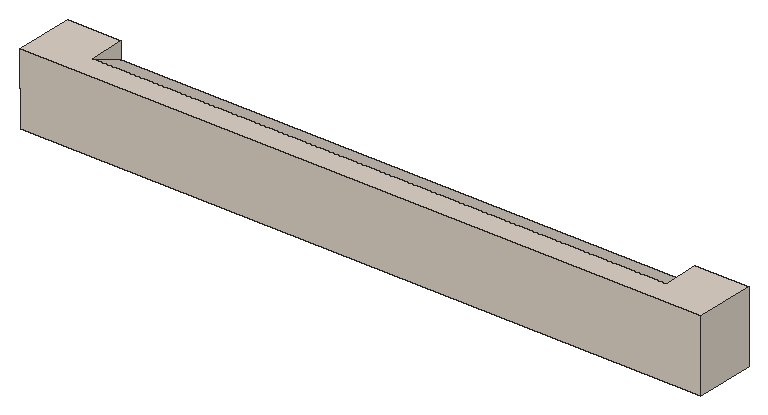
Revit family
Parameters (values of type "200 x 150mm Deep")
  Opening Width [instance] = 1210.0 mm
  Keynote = "F"
  Horz Chamfer = 75.0 mm
  Cill/Lintol Offset from Ext = 50.0 mm
  Material Cill = Masonry - Stone Cill
  Cill Height [instance] = 910.0 mm
  Cill/Lintol Width = 125.0 mm
  Cill/Lintol Length [instance] = Opening Width + 2 * (Cill Lintol Bearing)  # 1435.0 mm
  Cill/Lintol Depth = 150.0 mm
  Cill Lintol Bearing = 112.5 mm
  Cill Angle = 25.00°
Types (2, lengths in mm): name | Cill/Lintol Depth | Cill Angle
  200 x 75mm Deep | 75.0 | 15.00°
  200 x 150mm Deep | 150.0 | 25.00°
Reference planes
  plane 1 "Wall": y = -11.298
  plane 2 "Center (Left/Right)": x = 161.814
  plane 3 "Back": y = 138.702
  plane 4 "U/S Lintol": z = 910
  plane 5: x = 766.814
  plane 6: x = -443.186
  plane 7: x = 879.314
  plane 8: x = -555.686
  plane 9: y = 188.702
  plane 10: y = 63.702
  plane 11: z = 760
Forms (mm)
  Extrusion 1, void
    sketch origin (0, 138.702, 0) x (-1, 0, 0) y (0, 0, 1)
      loop
        line (-879.314, 910) -> (-879.314, 760) -> (555.686, 760) -> (555.686, 910) -> (-879.314, 910)
    from 0 to -75
  Extrusion 2, solid, material "Masonry - Stone Cill" <- "Material Cill"
    sketch origin (0, 138.702, 0) x (1, 0, 0) y (0, 0, 1)
      loop
        line (879.314, 910) -> (-555.686, 910) -> (-555.686, 760) -> (879.314, 760) -> (879.314, 910)
    from -50 to 75
  Extrusion 3, void
    sketch origin (161.814, 0, 0) x (0, -1, 0) y (0, 0, 1)
      loop
        line (-188.702, 910) -> (-188.702, 875.027) -> (-113.702, 910) -> (-188.702, 910)
    from -605 to 605
Cuts and joins
  Extrusion 3 cuts Extrusion 2
Text (mm)
  text "Placement side" at (-1848.837, 1116.779, 0), in view "Ref. Level"
  text "Placement side" at (0, 1409.804, 2854.306), in view "Left"
  text "Placement side" at (0, 499.811, 2980.732), in view "Right"
Dimensions and locks
  locked: plane 3 "Back" to host wall
  equal spacing: plane 5, plane 2 "Center (Left/Right)", plane 6
  "Opening Width": plane 5 to plane 6
  "Cill Lintol Bearing": plane 7 to plane 5
  "Cill Lintol Bearing": plane 6 to plane 8
  "Cill Height": level to plane 4 "U/S Lintol"
  "Cill/Lintol Offset from Ext": plane 3 "Back" to plane 9
  "Cill/Lintol Width": plane 10 to plane 9
  "Cill/Lintol Depth": plane 11 to plane 4 "U/S Lintol"
  "Horz Chamfer": Extrusion 3 sketch curve to plane 9
  "Cill Angle": angle Extrusion 3 sketch curve to plane 4 "U/S Lintol"
  aligned and locked: plane 1 "Wall" to host wall
  aligned and locked: Extrusion 1 to plane 10
  aligned and locked: host wall to Extrusion 1
  aligned and locked: plane 9 to Extrusion 2
  aligned and locked: Extrusion 2 to plane 10
  aligned and locked: Extrusion 3 sketch curve to plane 4 "U/S Lintol"
  aligned and locked: plane 9 to Extrusion 3 sketch curve
  aligned and locked: Extrusion 3 to plane 6
  aligned and locked: plane 5 to Extrusion 3
Automatic sketch dimensions
  Extrusion 1 sketch curve to plane 7 = 0.0 mm
  Extrusion 1 sketch curve to plane 8 = 0.0 mm
  Extrusion 1 sketch curve to plane 11 = 0.0 mm
  Extrusion 1 sketch curve to plane 4 "U/S Lintol" = 0.0 mm
  Extrusion 2 sketch curve to plane 4 "U/S Lintol" = 0.0 mm
  Extrusion 2 sketch curve to plane 8 = 0.0 mm
  Extrusion 2 sketch curve to plane 7 = 0.0 mm
  Extrusion 2 sketch curve to plane 11 = 0.0 mm
